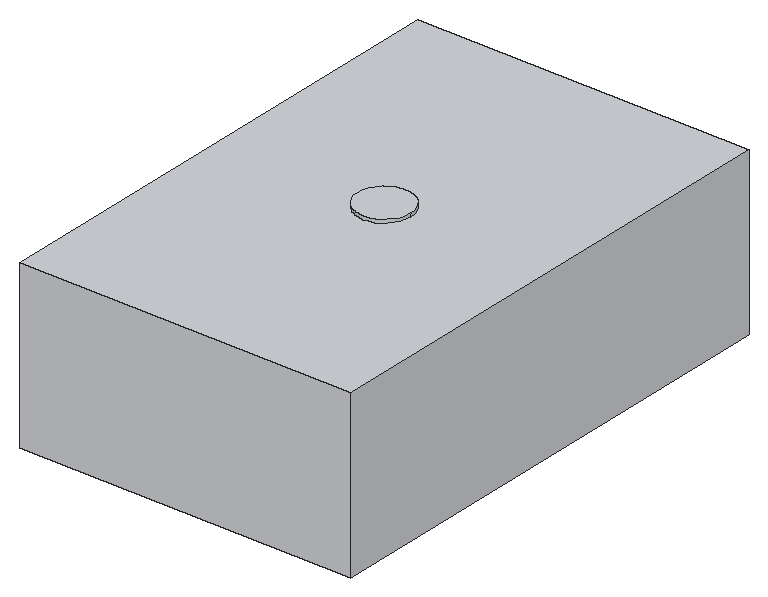
Revit family "Connector(both sides).ver2019", category 電気器具, Revit 2019
Family settings
  注釈の向きを維持 = いいえ
  丸型コネクタ寸法 = 直径を使用
  パーツ タイプ = 標準
  OmniClass 番号 = 23.80.00.00
  OmniClass タイトル = Electric Power and Lighting
  作業面ベース = いいえ
  常に垂直 = はい
  ロード時にボイドで切り取り = いいえ
  共有 = いいえ
  部屋計算ポイント = いいえ
Parameters
  コネクタ直径 [instance] = 16 mm
  W [instance] = 100 mm
  D [instance] = 150 mm
Reference planes
  plane 1 "中心(正面/背面)": y = 0
  plane 2: z = 0
  plane 3 "中心(左/右)": x = 0
  plane 4 "左": x = -50
  plane 5 "右": x = 50
  plane 6 "上": y = 75
  plane 7 "下": y = -75
  plane 8 "高さ": z = 50
Forms (mm)
  Extrusion 1, solid
    sketch origin (0, 0, 0) x (1, 0, 0) y (0, 1, 0)
      loop
        line (-50, 75) -> (-50, -75) -> (50, -75) -> (50, 75) -> (-50, 75)
    from 0 to 50
  Extrusion 2, solid
    sketch origin (0, 0, 50) x (-1, 0, 0) y (0, -1, 0)
      loop
        circle (0, 0) r 8
    from 0 to 1
  Extrusion 3, solid
    sketch origin (0, 0, 0) x (1, 0, 0) y (0, 1, 0)
      loop
        circle (0, 0) r 8
    from -1.215 to 0
Dimensions and locks
  equal spacing: plane 4 "左", plane 3 "中心(左/右)", plane 5 "右"
  "W": plane 4 "左" to plane 5 "右"
  equal spacing: plane 6 "上", plane 1 "中心(正面/背面)", plane 7 "下"
  "D": plane 6 "上" to plane 7 "下"
  "コネクタ直径": diameter of Extrusion 2 sketch curve
  "コネクタ直径": diameter of Extrusion 3 sketch curve
  aligned and locked: level to plane 2
  aligned and locked: Extrusion 1 sketch curve to plane 6 "上"
  aligned and locked: plane 4 "左" to Extrusion 1 sketch curve
  aligned and locked: plane 7 "下" to Extrusion 1 sketch curve
  aligned and locked: Extrusion 1 sketch curve to plane 5 "右"
  aligned and locked: level to Extrusion 3
Automatic sketch dimensions
  plane 1 "中心(正面/背面)" to Extrusion 2 sketch curve = 0 mm
  Extrusion 2 sketch curve to plane 3 "中心(左/右)" = 0 mm
  plane 1 "中心(正面/背面)" to Extrusion 3 sketch curve = 0 mm
  Extrusion 3 sketch curve to plane 3 "中心(左/右)" = 0 mm
Connectors
  cabletrayconduit at (0, 0, 51), diameter 16, driven by "コネクタ直径"
    settings: on Extrusion 2, index 3, connector width 300 mm, connector height 300 mm, connector angle 0.00°, system type 32, placement type 0, profile type 0, connector reference index -1, is primary connector yes, connector utility param no, connector description ""
  cabletrayconduit at (0, 0, -1.215), diameter 16, driven by "コネクタ直径"
    settings: on Extrusion 3, index 4, connector width 300 mm, connector height 300 mm, connector angle 0.00°, system type 32, placement type 0, profile type 0, connector reference index -1, is primary connector no, connector utility param no, connector description ""
